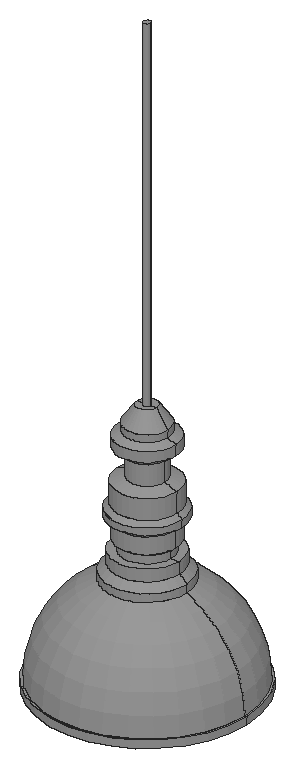
Revit family "265100 - Interior Lighting - Pendant 0001", category Lighting Fixtures, Revit 2017
Family settings
  Round Connector Dimension = Use Diameter
  Part Type = Normal
  OmniClass Number = 23.80.70.00
  OmniClass Title = Lighting
  Work Plane-Based = No
  Always vertical = Yes
  Cut with Voids When Loaded = No
  Light Source = Yes
  Shared = No
  Room Calculation Point = No
Parameters
  glass = PENDANT LIGHT FIXTURES
  Wattage = 12.1178 W
  built-in parameter 1150110 = 1 (stored number, unit not read)
  built-in parameter 1114217 = 1 (stored number, unit not read)
  Tilt Angle = 90.00°
  built-in parameter 1150109 = 1 (stored number, unit not read)
  built-in parameter 1150134 = (empty or 0)
  built-in parameter 1150113 = 1 (stored number, unit not read)
  built-in parameter 1010507 = 0.7854 (stored number, unit not read)
  built-in parameter 1010506 = 0.7854 (stored number, unit not read)
  Pendant Length [instance] = 3' - 9.90217"
  Lumens = 1800 lm
  built-in parameter 1150115 = 1 (stored number, unit not read)
  built-in parameter 1150105 = 6018.4 (stored number, unit not read)
  LightingMaterial_2 = Lamp2
  Light Source Symbol Length = 10' - 0"
  Light Material = WALL SCONCE
  built-in parameter 1150137 = (empty or 0)
  built-in parameter 1150139 = (empty or 0)
  built-in parameter 1150112 = 1 (stored number, unit not read)
  built-in parameter 1150114 = 1 (stored number, unit not read)
  built-in parameter 1150132 = 2
  built-in parameter 1150102 = (empty or 0)
  built-in parameter 1150138 = (empty or 0)
  built-in parameter 1150107 = 3000 (stored number, unit not read)
  built-in parameter 1150106 = 60.184 (stored number, unit not read)
  built-in parameter 1150104 = 13.8 (stored number, unit not read)
  Dimming Lamp Color Temperature Shift = (empty or 0)
  Cost = 132.6
  Cord = WALL SCONCE
  Color Filter = 16777215
  built-in parameter 1114218 = 1 (stored number, unit not read)
  built-in parameter 1150133 = 10 (stored number, unit not read)
Reference planes (in)
  plane 1 "Light Source Axis (F/B)": y = 0
  plane 2: z = 0
  plane 3 "Light Source Axis (L/R)": x = 0
  plane 4 "Light Source Elevation": z = 46.64284
  plane 5: z = 92.545
  plane 6: z = 66.14284
Forms (in)
  Extrusion 1, solid, material "WALL SCONCE" <- "Cord"
    sketch origin (0, 0, 0) x (1, 0, 0) y (0, 1, 0)
      loop
        circle (0, 0) r 0.25
    from 66.14284 to 92.545
  Revolve 2, solid, material "WALL SCONCE" <- "Light Material"
    sketch origin (16.72631, 0, -0.18139) x (1, 0, 0) y (0, 0, 1)
      loop
        line (-16.72631, 56.32423) -> (-19.22631, 56.32423) -> (-19.22631, 55.44728) -> (-19.75664, 54.91695) -> (-19.75664, 54.32265)
        arc (-19.75664, 54.32265) -> (-23.02547, 51.52695) -> (-24.24991, 47.40361) r 7.58975
        line (-24.24991, 47.40361) -> (-24.40353, 47.40361) -> (-24.40353, 46.82423) -> (-23.72705, 46.82423)
        arc (-23.72705, 46.82423) -> (-21.89305, 52.17673) -> (-16.72631, 54.48272) r 7.08975
        line (-16.72631, 54.48272) -> (-16.72631, 56.32423)
      axis (-16.72631, 56.32423) -> (-16.72631, 46.82423)
    angle from 0 to 360
  Revolve 3, solid, material "Lamp2" <- "LightingMaterial_2"
    sketch origin (16.72631, 0, -0.18139) x (1, 0, 0) y (0, 0, 1)
      loop
        line (-16.72631, 56.32423) -> (-14.86133, 56.32423) -> (-14.86133, 56.92187) -> (-14.52826, 57.15509) -> (-14.52826, 58.40509) -> (-14.05417, 58.73705) -> (-14.05417, 59.23705) -> (-14.40772, 59.59061) -> (-14.40772, 61.09061) -> (-15.34741, 61.43263) -> (-15.34741, 62.93263) -> (-14.52826, 63.5062) -> (-14.52826, 64.2562) -> (-15.11595, 64.5955) -> (-15.11595, 65.0955) -> (-15.97631, 66.32423) -> (-16.72631, 66.32423) -> (-16.72631, 56.32423)
      axis (-16.72631, 56.32423) -> (-16.72631, 66.32423)
    angle from 0 to 360
Dimensions and locks (in)
  "Pendant Length": plane 5 to plane 4 "Light Source Elevation"
  locked: plane 4 "Light Source Elevation" to plane 6 at 19.5
  aligned and locked: plane 3 "Light Source Axis (L/R)" to imposter light
  aligned and locked: plane 1 "Light Source Axis (F/B)" to imposter light
  aligned and locked: plane 4 "Light Source Elevation" to imposter light
  aligned and locked: level to plane 2
  aligned and locked: plane 5 to Extrusion 1
  aligned and locked: Extrusion 1 to plane 6
Automatic sketch dimensions
  plane 1 "Light Source Axis (F/B)" to Extrusion 1 sketch curve = 0' - 0"
  Extrusion 1 sketch curve to plane 3 "Light Source Axis (L/R)" = 0' - 0"
  Revolve 2 sketch curve to Revolve 2 sketch curve = 0' - 0"  (x4)
  Revolve 2 sketch curve to plane 4 "Light Source Elevation" = 0' - 0.57938"
  Revolve 2 sketch curve to plane 3 "Light Source Axis (L/R)" = 0' - 7.67722"
  Revolve 2 sketch curve to Revolve 2 sketch curve = 0' - 0.15361"
  Revolve 2 sketch curve to plane 4 "Light Source Elevation" = 0' - 0"
  Revolve 2 sketch curve to Revolve 2 sketch curve = 0' - 0.67648"
  Revolve 2 sketch curve to Revolve 2 sketch curve = 0' - 4.49327"
  Revolve 2 sketch curve to Revolve 2 sketch curve = 0' - 0.53033"  (x2)
  Revolve 2 sketch curve to Revolve 2 sketch curve = 0' - 2 1/2"
  Revolve 2 sketch curve to plane 4 "Light Source Elevation" = 0' - 0.56904"
  Revolve 2 sketch curve to Revolve 2 sketch curve = 0' - 0.06615"
  Revolve 2 sketch curve to Revolve 2 sketch curve = 0' - 0.59431"
  Revolve 2 sketch curve to Revolve 2 sketch curve = 0' - 1.84151"
  plane 4 "Light Source Elevation" to Revolve 2 sketch curve = 0' - 3"
  Revolve 3 sketch curve to plane 3 "Light Source Axis (L/R)" = 0' - 0"
  Revolve 3 sketch curve to Revolve 3 sketch curve = 0' - 0 3/4"  (x2)
  Revolve 3 sketch curve to Revolve 3 sketch curve = 0' - 0 161/256"
  Revolve 3 sketch curve to Revolve 3 sketch curve = 0' - 0.23147"
  Revolve 3 sketch curve to Revolve 3 sketch curve = 0' - 1.86498"
  Revolve 3 sketch curve to Revolve 3 sketch curve = 0' - 0.33307"
  Revolve 3 sketch curve to Revolve 3 sketch curve = 0' - 0.58768"
  Revolve 3 sketch curve to Revolve 3 sketch curve = 0' - 0.93969"
  Revolve 3 sketch curve to Revolve 3 sketch curve = 0' - 0.47409"
  Revolve 3 sketch curve to plane 4 "Light Source Elevation" = 0' - 9 1/2"
  Revolve 3 sketch curve to Revolve 3 sketch curve = 0' - 0 153/256"
  Revolve 3 sketch curve to Revolve 3 sketch curve = 0' - 0.23322"
  Revolve 3 sketch curve to Revolve 3 sketch curve = 0' - 1 1/4"
  Revolve 3 sketch curve to Revolve 3 sketch curve = 0' - 0.33196"
  Revolve 3 sketch curve to Revolve 3 sketch curve = 0' - 0 1/2"  (x2)
  Revolve 3 sketch curve to Revolve 3 sketch curve = 0' - 0.35355"
  Revolve 3 sketch curve to Revolve 3 sketch curve = 0' - 1 1/2"  (x2)
  Revolve 3 sketch curve to Revolve 3 sketch curve = 0' - 0.34202"
  Revolve 3 sketch curve to Revolve 3 sketch curve = 0' - 0.57358"
  Revolve 3 sketch curve to Revolve 3 sketch curve = 0' - 0.3393"
  Revolve 3 sketch curve to Revolve 3 sketch curve = 0' - 1.22873"
  Revolve 3 sketch curve to Revolve 3 sketch curve = 0' - 0"  (x2)
  Revolve 3 sketch curve to Revolve 3 sketch curve = 0' - 2 1/4"
  radius of Extrusion 1 sketch curve = 0' - 0 1/4"
